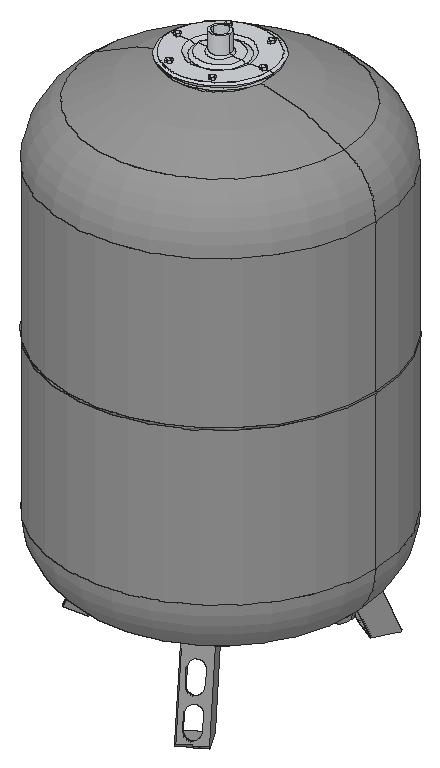
Revit family "WRV 500", category Оборудование, Revit 2014
Parameters
  Описание = "Мембранный бак для отопления V=500л, Py=10бар, 1 1/4\""
  Материал крышки = Черная резина
  Материал = Красная краска
  Масса кг = "55.5"
  Крышка [instance] = yes
  Комментарии к типоразмеру = "WRV 500 top"
  Изготовитель = "WESTER"  # constant formula
  URL = "http://www.wester.su/"
Reference planes
  plane 1 "По центру (Вперед/Назад)": y = 0
  plane 2: z = 0
  plane 3 "По центру (Влево/Вправо)": x = 0
Forms (mm)
  Revolve 1, solid, material "Красная краска" <- "Материал"
    sketch origin (-161.5, 0, 724.103) x (0, 0, -1) y (1, 0, 0)
      loop
        line (389.766, 551.5) -> (-3.265, 551.5)
        arc (-3.265, 551.5) -> (-5.597, 552.683) -> (-7.929, 551.5) r 2.889
        line (-7.929, 551.5) -> (-387.039, 551.5)
        arc (-387.039, 551.5) -> (-464.993, 530.588) -> (-522.013, 473.466) r 155.749
        arc (-522.013, 473.466) -> (-569.327, 370.931) -> (-597.499, 261.576) r 627.56
        line (-597.499, 261.576) -> (-612.097, 246.978) -> (-612.097, 161.5) -> (608.144, 161.5) -> (608.144, 185.553)
        arc (608.144, 185.553) -> (583.165, 333.867) -> (524.912, 472.529) r 652.913
        arc (524.912, 472.529) -> (468.03, 530.31) -> (389.766, 551.5) r 155.126
      axis (-612.097, 161.5) -> (608.144, 161.5)
    angle from 0 to 360
  Revolve 2, solid
    sketch origin (0, 0, 1076.484) x (1, 0, 0) y (0, 0, 1)
      loop
        line (0, 259.716) -> (120, 259.716) -> (120, 266.716) -> (86.261, 266.716) -> (86.261, 271.289) -> (129.093, 271.289) -> (131.207, 275.82) -> (123.282, 279.516) -> (75.172, 279.516) -> (64.45, 274.516) -> (53.727, 279.516) -> (29.447, 279.516)
        arc (29.447, 279.516) -> (27.489, 282.542) -> (24.478, 284.525) r 8.761
        line (24.478, 284.525) -> (24.478, 328.516) -> (19.486, 328.516) -> (19.486, 279.516) -> (0, 279.516) -> (0, 259.716)
      axis (0, 328.516) -> (0, 259.716)
    angle from 0 to 360
  Revolve 3, solid
    sketch origin (-16.269, 0, 774.513) x (-0.870356, 0, -0.492424) y (0.492424, 0, -0.870356)
      loop
        line (-3.985, 667.167) -> (-3.985, 656.503) -> (-5.516, 656.503) -> (-5.516, 652.003) -> (0, 652.003) -> (0, 664.309) -> (-1.586, 664.309) -> (-2.15, 664.873) -> (-2.15, 668.156) -> (-2.997, 668.156) -> (-3.985, 667.167)
      axis (0, 668.156) -> (0, 652.003)
    angle from 0 to 360
  Revolve 4, solid, material "Красная краска" <- "Материал", visible <- "Крышка"
    sketch origin (-16.269, 0, 774.513) x (-0.870356, 0, -0.492424) y (0.492424, 0, -0.870356)
      loop
        line (0, 652.003) -> (0, 670.119) -> (-16.18, 670.119) -> (-21.758, 662.442) -> (-7.391, 652.003) -> (0, 652.003)
      axis (0, 670.119) -> (0, 652.003)
    angle from 0 to 360
  Revolve 5, void
    sketch origin (142.955, 0, -2.323) x (0.999962, 0, -0.008727) y (0.008727, 0, 0.999962)
      loop
        line (153.8, 207.184) -> (147.466, 193.322)
        arc (147.466, 193.322) -> (145.41, 190.073) -> (142.56, 187.491) r 14.244
        line (142.56, 187.491) -> (143.693, 184.471) -> (167.312, 198.108) -> (160.004, 210.765) -> (153.8, 207.184)
      axis (167.312, 198.108) -> (160.004, 210.765)
    angle from 0 to 360
  Revolve 6, solid
    sketch origin (0, 0, 883.942) x (-1, 0, 0) y (0, 0, -1)
      loop
        line (-11.2, 786.045) -> (-13.197, 784.047) -> (-13.197, 779.546) -> (-18.51, 779.546) -> (-18.51, 773.046) -> (-24.043, 773.046) -> (-24.043, 767.983) -> (0, 767.983) -> (0, 773.046) -> (-9.238, 773.046) -> (-9.238, 786.045) -> (0, 786.045) -> (0, 793.045) -> (-14.264, 793.045) -> (-14.264, 786.045) -> (-11.2, 786.045)
      axis (0, 793.045) -> (0, 767.983)
    angle from 0 to 360
  Extrusion 7, solid, material "Красная краска" <- "Материал"
    sketch origin (0, 0, 3.576) x (1, 0, 0) y (0, 0, 1)
      loop
        arc (-365.755, 0.576) -> (-365.481, -2.241) -> (-362.985, -3.576) r 3
        line (-362.985, -3.576) -> (-302.5, -3.576) -> (-233.382, 162.625) -> (-288.782, 185.664) -> (-365.755, 0.576)
    from -35 to 35
  Extrusion 8, void
    sketch origin (0, 0, 3.576) x (1, 0, 0) y (0, 0, 1)
      loop
        line (-287.397, 185.088) -> (-364.37, 0)
        arc (-364.37, 0) -> (-364.214, -1.437) -> (-362.916, -2.076) r 1.501
        line (-362.916, -2.076) -> (-298.864, -2.076) -> (-230.814, 161.557) -> (-287.397, 185.088)
    from -33.5 to 33.5
  Extrusion 9, void
    sketch origin (0, 0, 0) x (0, 1, 0) y (0, 0, 1)
      loop
        arc (-20, 31.741) -> (0, 11.741) -> (20, 31.741) r 20
        line (20, 31.741) -> (20, 60.017)
        arc (20, 60.017) -> (0, 80.017) -> (-20, 60.017) r 20
        line (-20, 60.017) -> (-20, 31.741)
      loop
        arc (-20, 114.841) -> (0, 94.841) -> (20, 114.841) r 20
        line (20, 114.841) -> (20, 143.117)
        arc (20, 143.117) -> (0, 163.117) -> (-20, 143.117) r 20
        line (-20, 143.117) -> (-20, 114.841)
    from -373.182 to -245.757
  Extrusion 10, solid, material "Красная краска" <- "Материал"
    sketch origin (-0.058, 0.1, 3.576) x (-0.5, 0.866025, 0) y (0, 0, 1)
      loop
        arc (-365.755, 0.576) -> (-365.481, -2.241) -> (-362.985, -3.576) r 3
        line (-362.985, -3.576) -> (-302.5, -3.576) -> (-233.382, 162.625) -> (-288.782, 185.664) -> (-365.755, 0.576)
    from -35 to 35
  Extrusion 11, void
    sketch origin (-0.058, 0.1, 3.576) x (-0.5, 0.866025, 0) y (0, 0, 1)
      loop
        line (-287.397, 185.088) -> (-364.37, 0)
        arc (-364.37, 0) -> (-364.214, -1.437) -> (-362.916, -2.076) r 1.501
        line (-362.916, -2.076) -> (-298.864, -2.076) -> (-230.814, 161.557) -> (-287.397, 185.088)
    from -33.5 to 33.5
  Extrusion 12, solid, material "Красная краска" <- "Материал"
    sketch origin (-0.058, -0.1, 3.576) x (-0.5, -0.866025, 0) y (0, 0, 1)
      loop
        arc (-365.755, 0.576) -> (-365.481, -2.241) -> (-362.985, -3.576) r 3
        line (-362.985, -3.576) -> (-302.5, -3.576) -> (-233.382, 162.625) -> (-288.782, 185.664) -> (-365.755, 0.576)
    from -35 to 35
  Extrusion 13, void
    sketch origin (-0.058, -0.1, 3.576) x (-0.5, -0.866025, 0) y (0, 0, 1)
      loop
        line (-287.397, 185.088) -> (-364.37, 0)
        arc (-364.37, 0) -> (-364.214, -1.437) -> (-362.916, -2.076) r 1.501
        line (-362.916, -2.076) -> (-298.864, -2.076) -> (-230.814, 161.557) -> (-287.397, 185.088)
    from -33.5 to 33.5
  Extrusion 14, void
    sketch origin (11.101, -19.798, 0) x (-0.866025, -0.5, 0) y (0, 0, 1)
      loop
        arc (-20, 31.741) -> (0, 11.741) -> (20, 31.741) r 20
        line (20, 31.741) -> (20, 60.017)
        arc (20, 60.017) -> (0, 80.017) -> (-20, 60.017) r 20
        line (-20, 60.017) -> (-20, 31.741)
      loop
        arc (-20, 114.841) -> (0, 94.841) -> (20, 114.841) r 20
        line (20, 114.841) -> (20, 143.117)
        arc (20, 143.117) -> (0, 163.117) -> (-20, 143.117) r 20
        line (-20, 143.117) -> (-20, 114.841)
    from -373.182 to -245.757
  Extrusion 15, void
    sketch origin (11.683, 20.121, 0) x (0.866025, -0.5, 0) y (0, 0, 1)
      loop
        arc (-20, 31.741) -> (0, 11.741) -> (20, 31.741) r 20
        line (20, 31.741) -> (20, 60.017)
        arc (20, 60.017) -> (0, 80.017) -> (-20, 60.017) r 20
        line (-20, 60.017) -> (-20, 31.741)
      loop
        arc (-20, 114.841) -> (0, 94.841) -> (20, 114.841) r 20
        line (20, 114.841) -> (20, 143.117)
        arc (20, 143.117) -> (0, 163.117) -> (-20, 143.117) r 20
        line (-20, 143.117) -> (-20, 114.841)
    from -373.182 to -245.757
Cuts and joins
  Revolve 5, Extrusion 11, Extrusion 13 cuts Revolve 1
  Extrusion 8, Extrusion 9, Extrusion 11, Extrusion 13, Extrusion 14 cuts Extrusion 7
  Extrusion 11, Extrusion 14, Extrusion 15 cuts Extrusion 10
  Extrusion 13, Extrusion 15 cuts Extrusion 12
Dimensions and locks
  aligned and locked: level to plane 2
Nested families
  nested 1: "Болт" at (54.062, -93.516, 1356) x (-1, 0, 0) z (0, 0, 1), type "Болт"
  nested 2: "Болт" at (-108.057, 0, 1356) x (-1, 0, 0) z (0, 0, 1), type "Болт"
  nested 3: "Болт" at (108.057, 0, 1356), type "Болт"
  nested 4: "Болт" at (-54.063, -93.516, 1356), type "Болт"
  nested 5: "Болт" at (54.062, 93.516, 1356) x (-1, 0, 0) z (0, 0, 1), type "Болт"
  nested 6: "Болт" at (-54.063, 93.516, 1356), type "Болт"
Connectors
  piping at (0, 0, 1405), diameter 32
    settings: on Revolve 2, index 1, connector inside diameter 609.6 mm, connector length 0 mm, flow factor 0, pipe flow 0.0 L/s, pressure drop 0.0 Pa, fitting loss kfactor 0, connector angle 0.00°, fixture units 0, engagement length 0 mm, angle of deflection 0.00°, flow configuration 1, flow direction 0, fitting loss method 0, system type 29, joint type 0, gender type 0, connector reference index -1, connector utility 0, adjustable connector no, is connector primary yes, connector description ""
Definition of nested family "Болт"
  Parameters (values of type "Болт")
    Default Elevation = 1219.2 mm
  Reference planes
    plane 1 "По центру (Вперед/Назад)": y = 0
    plane 2: z = 0
    plane 3 "По центру (Влево/Вправо)": x = 0
  Forms (mm)
    Extrusion 1, solid
      sketch origin (0, 0, 0) x (1, 0, 0) y (0, 1, 0)
        loop
          line (-1219.2, 1219.2) -> (-1219.2, -1219.2) -> (1219.2, -1219.2) -> (1219.2, 1219.2) -> (-1219.2, 1219.2)
      from 0 to -304.8
    Extrusion 2, solid, detail levels medium+fine
      sketch origin (0, 0, 0) x (0, 1, 0) y (-1, 0, 0)
        loop
          line (-6.5, -3.753) -> (0, -7.506) -> (6.5, -3.753) -> (6.5, 3.753) -> (0, 7.506) -> (-6.5, 3.753) -> (-6.5, -3.753)
      from 0 to 5.3
    Extrusion 3, solid, detail levels medium+fine
      sketch origin (0, 0, 0) x (1, 0, 0) y (0, 1, 0)
        loop
          circle (0, 0) r 4
      from -14 to 0
    Revolve 4, void
      sketch origin (0, 0, 0) x (1, 0, 0) y (0, 0, 1)
        loop
          line (-7.506, 4.447) -> (-6.413, 5.3) -> (-7.506, 5.3) -> (-7.506, 4.447)
        axis (0, 5.3) -> (0, 4.3)
      angle from 0 to 360
    Revolve 5, void
      sketch origin (0, 0, 0) x (1, 0, 0) y (0, 0, 1)
        loop
          line (-4, -14) -> (-2.365, -14) -> (-4, -12.365) -> (-4, -14)
        axis (0, -12.365) -> (0, -14)
      angle from 0 to 360
  Cuts and joins
    Revolve 4 cuts Extrusion 2
    Revolve 5 cuts Extrusion 3
    joined: Extrusion 2, Extrusion 3
  Dimensions and locks
    aligned and locked: plane 2 to Extrusion 1
    aligned and locked: level to Extrusion 1
    aligned and locked: Revolve 4 sketch curve to plane 3 "По центру (Влево/Вправо)"
    aligned and locked: cut or joined group of Extrusion 2, Extrusion 3, Revolve 4, Revolve 5 to Revolve 4 sketch curve
